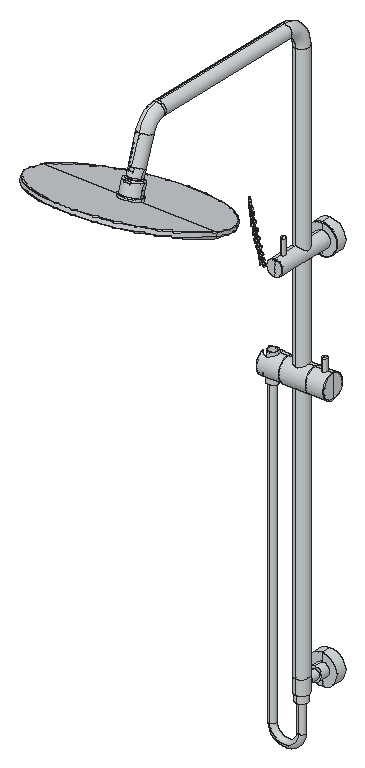
Revit family "Reece_Shower_Mizu_Drift_Twin Waterrail_Brass_300 mm", category Plumbing Fixtures, host Face, Revit 2018 (continued)
Definition of nested family "Reece_Shower_Mizu_Drift_Overhead Shower_Brass_300 mm"
  Nested families
    nested 144: "Family1" at (-21.035, -28.518, 53), type "Family1"
    nested 145: "Family1" at (-12.081, -17.058, 53), type "Family1"
    nested 146: "Family1" at (-0.659, -36.068, 53), type "Family1"
    nested 147: "Family1" at (-10.978, -50.271, 53), type "Family1"
    nested 148: "Family1" at (9.38, -50.271, 53), type "Family1"
    nested 149: "Family1" at (-20.427, -62.314, 53), type "Family1"
    nested 150: "Family1" at (-0.673, -65.443, 53), type "Family1"
    nested 151: "Family1" at (18.449, -63.095, 53), type "Family1"
    nested 152: "Family1" at (18.449, -63.095, 53) x (-1, 0, 0) z (0, 0, 1), type "Family1"
    nested 153: "Family1" at (27.951, -76.664, 53) x (-1, 0, 0) z (0, 0, 1), type "Family1"
    nested 154: "Family1" at (9.585, -80.234, 53) x (-1, 0, 0) z (0, 0, 1), type "Family1"
    nested 155: "Family1" at (-10.415, -80.234, 53) x (-1, 0, 0) z (0, 0, 1), type "Family1"
    nested 156: "Family1" at (-29.82, -75.396, 53) x (-1, 0, 0) z (0, 0, 1), type "Family1"
    nested 157: "Family1" at (-38.368, -87.161, 53) x (-1, 0, 0) z (0, 0, 1), type "Family1"
    nested 158: "Family1" at (-19.347, -93.341, 53) x (-1, 0, 0) z (0, 0, 1), type "Family1"
    nested 159: "Family1" at (0, -95.375, 53) x (-1, 0, 0) z (0, 0, 1), type "Family1"
    nested 160: "Family1" at (19.021, -93.711, 53) x (-1, 0, 0) z (0, 0, 1), type "Family1"
    nested 161: "Family1" at (36.182, -88.464, 53) x (-1, 0, 0) z (0, 0, 1), type "Family1"
    nested 162: "Family1" at (45.175, -101.306, 53) x (-1, 0, 0) z (0, 0, 1), type "Family1"
    nested 163: "Family1" at (28.424, -106.428, 53) x (-1, 0, 0) z (0, 0, 1), type "Family1"
    nested 164: "Family1" at (9.464, -110.113, 53) x (-1, 0, 0) z (0, 0, 1), type "Family1"
    nested 165: "Family1" at (-9.736, -110.113, 53) x (-1, 0, 0) z (0, 0, 1), type "Family1"
    nested 166: "Family1" at (-29.369, -106.297, 53) x (-1, 0, 0) z (0, 0, 1), type "Family1"
    nested 167: "Family1" at (-47.309, -99.049, 53) x (-1, 0, 0) z (0, 0, 1), type "Family1"
    nested 168: "Family1" at (-56.595, -111.372, 53) x (-1, 0, 0) z (0, 0, 1), type "Family1"
    nested 169: "Family1" at (-38.052, -118.865, 53) x (-1, 0, 0) z (0, 0, 1), type "Family1"
    nested 170: "Family1" at (-18.646, -123.703, 53) x (-1, 0, 0) z (0, 0, 1), type "Family1"
    nested 171: "Family1" at (0, -125.007, 53) x (-1, 0, 0) z (0, 0, 1), type "Family1"
    nested 172: "Family1" at (18.96, -123.681, 53) x (-1, 0, 0) z (0, 0, 1), type "Family1"
    nested 173: "Family1" at (37.311, -119.106, 53) x (-1, 0, 0) z (0, 0, 1), type "Family1"
    nested 174: "Family1" at (53.574, -112.863, 53) x (-1, 0, 0) z (0, 0, 1), type "Family1"
    nested 175: "Family1" at (-21.516, 29.216, 53), type "Family1"
    nested 176: "Family1" at (-37.847, 34.522, 53), type "Family1"
    nested 177: "Family1" at (-52.859, 39.399, 53), type "Family1"
    nested 178: "Family1" at (-67.799, 44.254, 53), type "Family1"
    nested 179: "Family1" at (-81.33, 49.179, 53), type "Family1"
    nested 180: "Family1" at (-95.749, 53.313, 53), type "Family1"
    nested 181: "Family1" at (-110.556, 58.411, 53), type "Family1"
  Connectors
    piping at (0, 0, 0), diameter 15, driven by "Reece_Tap_Inlet"
      settings: on Extrusion 8, index 1, connector inside diameter 609.6 mm, connector length 0 mm, flow factor 0, pipe flow 0.0 L/s, pressure drop 0.0 Pa, fitting loss kfactor 0, connector angle 0.00°, fixture units 0, engagement length 0 mm, angle of deflection 0.00°, flow configuration 0, flow direction 1, fitting loss method 0, system type 29, joint type 0, gender type 0, connector reference index -1, connector utility 0, adjustable connector no, is connector primary yes, connector description ""
  Definition of nested family "Family1"
    Parameters (values of type "Family1")
      Reece_Material_Main = none
    Reference planes
      plane 1 "Center (Front/Back)": y = 0
      plane 2: z = 0
      plane 3 "Center (Left/Right)": x = 0
    Forms (mm)
      Revolve 1, solid, material <- "Reece_Material_Main", detail levels fine
        sketch origin (0, 0, 0) x (1, 0, 0) y (0, 0, 1)
          loop
            line (0, 0) -> (2.5, 0) -> (2.5, 1) -> (1.037, 4) -> (0, 4) -> (0, 0)
          axis (0, 0) -> (0, 4)
        angle from 0 to 360
    Dimensions and locks
      aligned and locked: level to plane 2
Types (4, lengths in mm): name | URL | Reece_Product_Web Page | Reece_Product_Number | Reece_Product_Description | Reece_Material_Main | Keynote | Description
  Matte Black | "https://www.reece.com.au/product/-9505810" | "https://www.reece.com.au/product/-9505810" | "9505810" | "Mizu Drift Twin Rail Shower with 300 Brass Overhead with Top Rail Water Inlet Matte Black (3 Star)" | Reece_Brass_Matte Black | "Product #9505810, Reece_Shower_Mizu_Drift_Twin Waterrail_Brass_300 mm - Matte Black" | "Mizu Drift Twin Rail Shower with 300 Brass Overhead with Top Rail Water Inlet Matte Black (3 Star)"
  Chrome | "https://www.reece.com.au/product/-9512143" | "https://www.reece.com.au/product/-9512143" | "9512143" | "Mizu Drift Twin Rail Shower and 300 Brass Overhead with Top Rail Water Inlet Chrome (3 Star)" | Reece_Brass_Chrome | "Product #9512143, Reece_Shower_Mizu_Drift_Twin Waterrail_Brass_300 mm - Chrome" | "Mizu Drift Twin Rail Shower and 300 Brass Overhead with Top Rail Water Inlet Chrome (3 Star)"
  Brushed Nickel | "https://www.reece.com.au/product/-9508228" | "https://www.reece.com.au/product/-9508228" | "9508228" | "Mizu Drift Twin Rail Shower with 300 Brass Overhead with Top Rail Water Inlet Brushed Nickel (3 Star)" | Reece_Brass_Brushed Nickel | "Product #9508228, Reece_Shower_Mizu_Drift_Twin Waterrail_Brass_300 mm - Brushed Nickel" | "Mizu Drift Twin Rail Shower with 300 Brass Overhead with Top Rail Water Inlet Brushed Nickel (3 Star)"
  Brushed Brass | "https://www.reece.com.au/product/-9512190" | "https://www.reece.com.au/product/-9512190" | "9512190" | "Mizu Drift Twin Rail Shower with 300 Brass Overhead with Top Rail Water Inlet Brushed Brass (3 Star)" | Reece_Brass_Brushed | "Product #9512190, Reece_Shower_Mizu_Drift_Twin Waterrail_Brass_300 mm - Brushed Brass" | "Mizu Drift Twin Rail Shower with 300 Brass Overhead with Top Rail Water Inlet Brushed Brass (3 Star)"
